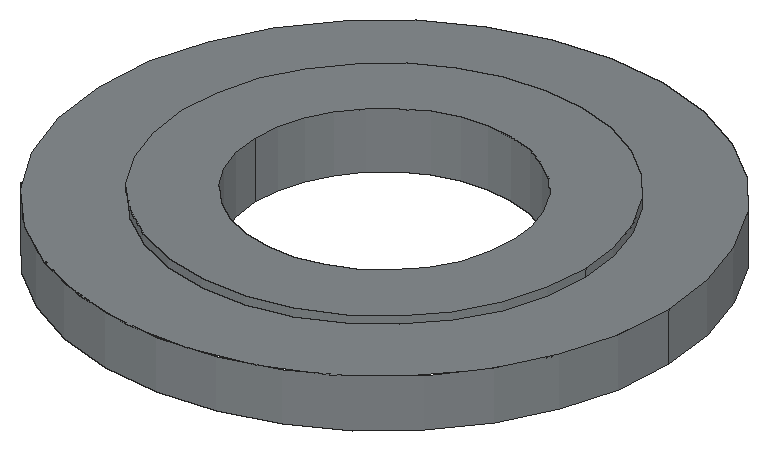
Revit family "Duc_FLA_Flanges", category Pipe Accessories, Revit 2025
Family settings
  Round Connector Dimension = Use Diameter
  Part Type = Normal
  Work Plane-Based = Yes
  Always vertical = No
  Cut with Voids When Loaded = Yes
  Shared = Yes
Parameters
  Tabela [instance] = "Duc_FLA_Flanges"
  PN [instance] = "10"
  Nominal Diameter [instance] = 100.00 mm
  Material_Conexao = FoFo
  Manufacturer = "SGC"
  Flange_Ressalto [instance] = size_lookup(Tabela, "FRessalto", 3.0 mm, Nominal Diameter, PN)  # 3.0 mm
  Flange_RF [instance] = Flange_DF / 2  # 90.0 mm
  Flange_QF [instance] = size_lookup(Tabela, "QF", "4", Nominal Diameter, PN)  # "8"
  Flange_MA [instance] = size_lookup(Tabela, "MA", 45.00°, Nominal Diameter, PN)  # 22.50°
  Flange_DG [instance] = size_lookup(Tabela, "FG", 99.0 mm, Nominal Diameter, PN)  # 156.0 mm
  Flange_DF [instance] = size_lookup(Tabela, "FC", 125.0 mm, Nominal Diameter, PN)  # 180.0 mm
  Flange_D [instance] = size_lookup(Tabela, "FD", 165.0 mm, Nominal Diameter, PN)  # 220.0 mm
  Flange_AnguloFuros [instance] = size_lookup(Tabela, "AF", 90.00°, Nominal Diameter, PN)  # 45.00°
  Flange_Altura [instance] = size_lookup(Tabela, "FAltura", 19.0 mm, Nominal Diameter, PN)  # 19.0 mm
  Description = "Flange"
  Default Elevation = 0.0 mm
  Flange_DFuro [instance] = size_lookup(Tabela, "DFuro", 19.0 mm, Nominal Diameter, PN)  # 19.0 mm
Reference planes
  plane 1 "Centro (Frente/Trás)": y = 0
  plane 2: z = 0
  plane 3 "Centro (Esquerda/Direita)": x = 0
  plane 4: z = -3
  plane 5: z = -22
Forms (mm)
  Extrusion 1, solid, material "FoFo" <- "Material_Conexao"
    sketch origin (0, 0, 0) x (1, 0, 0) y (0, 1, 0)
      loop
        circle (0, 0) r 110
    from -22 to -3
  Extrusion 2, solid, material "FoFo" <- "Material_Conexao"
    sketch origin (0, 0, 0) x (1, 0, 0) y (0, 1, 0)
      loop
        circle (0, 0) r 78
    from 0 to -3
  Extrusion 3, void
    sketch origin (0, 0, 0) x (1, 0, 0) y (0, 1, 0)
      loop
        circle (0, 0) r 50
    from -22 to 0
Cuts and joins
  Extrusion 3 cuts Extrusion 1
  Extrusion 3 cuts Extrusion 2
  joined: Extrusion 1, Extrusion 2
Lines and regions (mm)
  model lines
    curve 1: line (-40, 0, 0) -> (40, 0, 0)
    curve 2: line (0, 40, 0) -> (0, -40, 0)
  reference lines
    curve 3: line (0, 0, 0) -> (83.149, 34.442, 0)
Dimensions and locks
  "Flange_Ressalto": plane 2 to plane 4
  "Flange_Altura": plane 4 to plane 5
  "Flange_RF": curve 3 to curve 3
  "Flange_D": diameter of Extrusion 1 sketch curve
  "Flange_DG": diameter of Extrusion 2 sketch curve
  "Nominal Diameter": diameter of Extrusion 3 sketch curve
  "Flange_MA": angle plane 1 "Centro (Frente/Trás)" to curve 3
  aligned and locked: plane 2 to level
  aligned and locked: Extrusion 1 to plane 5
  aligned and locked: cut or joined group of Extrusion 1, Extrusion 2, Extrusion 3 to plane 4
  aligned and locked: plane 4 to cut or joined group of Extrusion 1, Extrusion 2, Extrusion 3
  aligned and locked: cut or joined group of Extrusion 1, Extrusion 2, Extrusion 3 to Extrusion 3
  aligned and locked: level to Extrusion 3
  aligned and locked: Extrusion 2 to Extrusion 1
  aligned and locked: level to Extrusion 2
  aligned and locked: plane 3 "Centro (Esquerda/Direita)" to curve 3
  aligned and locked: plane 1 "Centro (Frente/Trás)" to curve 3
Automatic sketch dimensions
  plane 1 "Centro (Frente/Trás)" to curve 1 = 0.0 mm
  curve 1 to plane 3 "Centro (Esquerda/Direita)" = 40.0 mm
  plane 3 "Centro (Esquerda/Direita)" to curve 1 = 40.0 mm
  plane 1 "Centro (Frente/Trás)" to curve 2 = 40.0 mm
  curve 2 to plane 1 "Centro (Frente/Trás)" = 40.0 mm
  curve 2 to plane 3 "Centro (Esquerda/Direita)" = 0.0 mm
  plane 1 "Centro (Frente/Trás)" to Extrusion 1 sketch curve = 0.0 mm
  Extrusion 1 sketch curve to plane 3 "Centro (Esquerda/Direita)" = 0.0 mm
  plane 1 "Centro (Frente/Trás)" to Extrusion 2 sketch curve = 0.0 mm
  Extrusion 2 sketch curve to plane 3 "Centro (Esquerda/Direita)" = 0.0 mm
  plane 1 "Centro (Frente/Trás)" to Extrusion 3 sketch curve = 0.0 mm
  Extrusion 3 sketch curve to plane 3 "Centro (Esquerda/Direita)" = 0.0 mm
